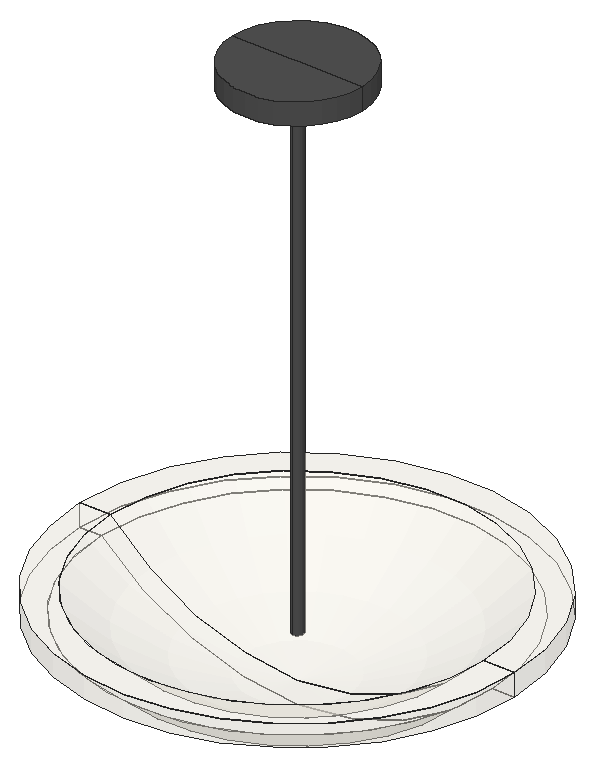
Revit family "M_Luminária de forro - Hemisférico", category Luminárias, Revit 2019
Family settings
  Hospedeiro = Forro
  Cota do conector redondo = Utilizar diâmetro
  Tipo de parte = Normal
  Número OmniClass = 23.80.70.11.11
  Título OmniClass = General Luminaries, Non Directional
  ID de item do Seek = Pendant Light - Hemisphere-0000-CAN-ENU
  Sempre na vertical = Sim
  Corte com vazios quando carregada = Não
  Fonte luminosa = Sim
  Compartilhado = Não
  Ponto de cálculo do ambiente = Não
Parameters (values of type "150W - 277V")
  Wattage = 150 W
  built-in parameter 1150110 = 1 (stored number, unit not read)
  built-in parameter 1114217 = 1 (stored number, unit not read)
  built-in parameter 1150109 = 1 (stored number, unit not read)
  built-in parameter 1150134 = 4
  built-in parameter 1150113 = 1 (stored number, unit not read)
  built-in parameter 1150115 = 1 (stored number, unit not read)
  built-in parameter 1150105 = 884.74 (stored number, unit not read)
  Classificação de carga = Iluminação - Unidade de interrupção
  Light Source Symbol Size = 609.6 mm
  built-in parameter 1150137 = 1
  built-in parameter 1150139 = (empty or 0)
  built-in parameter 1150112 = 1 (stored number, unit not read)
  built-in parameter 1150114 = 1 (stored number, unit not read)
  Lâmpada = "A-21"
  built-in parameter 1150132 = (empty or 0)
  built-in parameter 1150102 = (empty or 0)
  built-in parameter 1150138 = (empty or 0)
  built-in parameter 1150107 = 2800 (stored number, unit not read)
  built-in parameter 1150106 = 8.8474 (stored number, unit not read)
  built-in parameter 1150104 = 1.7215 (stored number, unit not read)
  Dimming Lamp Color Temperature Shift = (empty or 0)
  Color Filter = 16777215
  built-in parameter 1140040 [instance] = 1
  Voltagem do transformador = 277 V
  Transformador por número de postes = 1
  built-in parameter 1114218 = 1 (stored number, unit not read)
  built-in parameter 1150133 = 10 (stored number, unit not read)
  Código de montagem = "D5020220"
  Material montado no forro = Aço, Cromo polido
  Cair do forro = 675 mm
  Lumens = 2779.5 lm
  Material pendente = Vidro, Jateado
  Wattage Comments = ""
  Carga aparente = 150 VA
Types (4, lengths in mm): name | Wattage | built-in parameter 1150105 | Lâmpada | built-in parameter 1150106 | built-in parameter 1150104 | Voltagem do transformador | Lumens | Carga aparente
  100W - 120V | 100 W | 537.94 (stored number, unit not read) | "A-19" | 5.3794 (stored number, unit not read) | 1.5701 (stored number, unit not read) | 120 V | 1690 lm | 100 VA
  100W - 277V | 100 W | 537.94 (stored number, unit not read) | "A-19" | 5.3794 (stored number, unit not read) | 1.5701 (stored number, unit not read) | 120 V | 1690 lm | 100 VA
  150W - 120V | 150 W | 884.74 (stored number, unit not read) | "A-21" | 8.8474 (stored number, unit not read) | 1.7215 (stored number, unit not read) | 120 V | 2779.5 lm | 150 VA
  150W - 277V | 150 W | 884.74 (stored number, unit not read) | "A-21" | 8.8474 (stored number, unit not read) | 1.7215 (stored number, unit not read) | 277 V | 2779.5 lm | 150 VA
Reference planes
  plane 1 "Eixo da luz": y = 0
  plane 2 "Forro": z = 2438.4
  plane 3 "Eixo da luz": x = 0
  plane 4 "Elevação da origem da luz": z = 1839.6
  plane 5: z = 1885.651
  plane 6: z = 1763.4
  plane 7: z = 1860.251
  plane 8: z = 1763.4
Forms (mm)
  Revolve 1, solid, material "Aço, Cromo polido" <- "Material montado no forro"
    sketch origin (0, 0, 0) x (1, 0, 0) y (0, 0, 1)
      loop
        line (0, 2438.4) -> (-76.2, 2438.4) -> (-76.2, 2413) -> (0, 2377.467) -> (0, 2438.4)
      axis (0, 2438.4) -> (0, 2377.467)
    angle from 0 to 360
  Revolve 2, solid, material "Vidro, Jateado" <- "Material pendente"
    sketch origin (0, 0, 0) x (0, 0, -1) y (1, 0, 0)
      loop
        line (-1763.4, 0) -> (-1788.767, 0)
        arc (-1788.767, 0) -> (-1815.402, -118.856) -> (-1885.651, -218.361) r 310.942
        line (-1885.651, -218.361) -> (-1885.651, -254.3) -> (-1860.128, -254.3) -> (-1860.128, -228.9)
        arc (-1860.128, -228.9) -> (-1789.581, -123.824) -> (-1763.4, 0) r 332.567
      axis (-1885.651, 0) -> (-1763.4, 0)
    angle from 0 to 360
  Extrusion 3, solid, material "Aço, Cromo polido" <- "Material montado no forro"
    sketch origin (0, 0, 1839.6) x (0, -1, 0) y (1, 0, 0)
      loop
        circle (0, 0) r 6.35
    from 0 to 598.8
Cuts and joins
  joined: Revolve 1, Extrusion 3
Dimensions and locks
  equal spacing: host sketch curve, plane 3 "Eixo da luz", host sketch curve
  equal spacing: host sketch curve, plane 1 "Eixo da luz", host sketch curve
  host sketch curve to host sketch curve = 3048 mm  (x2)
  plane 5 to plane 7 to plane 6 = 25.4 mm locked, 96.851 mm locked
  "Cair do forro": plane 2 "Forro" to plane 6
  "Cair do forro": plane 2 "Forro" to plane 8
  locked: plane 4 "Elevação da origem da luz" to plane 8 at 76.2
  aligned and locked: plane 2 "Forro" to Extrusion 3
  aligned and locked: plane 3 "Eixo da luz" to imposter light
  aligned and locked: plane 1 "Eixo da luz" to imposter light
  aligned and locked: plane 4 "Elevação da origem da luz" to imposter light
Automatic sketch dimensions
  Revolve 1 sketch curve to plane 2 "Forro" = 0 mm
  Revolve 1 sketch curve to plane 3 "Eixo da luz" = 0 mm  (x2)
  Revolve 1 sketch curve to plane 2 "Forro" = 25.4 mm
  Revolve 1 sketch curve to plane 3 "Eixo da luz" = 76.2 mm
  Revolve 1 sketch curve to plane 2 "Forro" = 60.933 mm
  Revolve 1 sketch curve to Revolve 1 sketch curve = 66.067 mm
  plane 2 "Forro" to Revolve 1 sketch curve = 76.2 mm
  Revolve 2 sketch curve to plane 3 "Eixo da luz" = 0 mm  (x2)
  Revolve 2 sketch curve to plane 5 = 0 mm
  Revolve 2 sketch curve to plane 5 = 50.8 mm
  plane 3 "Eixo da luz" to Revolve 2 sketch curve = 5.628 mm
  Revolve 2 sketch curve to Revolve 2 sketch curve = 159.469 mm
  Revolve 2 sketch curve to Revolve 2 sketch curve = 3.704 mm
  Revolve 2 sketch curve to plane 7 = 0.123 mm
  plane 6 to Revolve 2 sketch curve = 0 mm
  Revolve 2 sketch curve to Revolve 2 sketch curve = 55.549 mm
  Revolve 2 sketch curve to plane 6 = 25.367 mm
  Revolve 2 sketch curve to Revolve 2 sketch curve = 10.54 mm
  Revolve 2 sketch curve to Revolve 2 sketch curve = 35.94 mm
  Extrusion 3 sketch curve to plane 3 "Eixo da luz" = 0 mm
  Extrusion 3 sketch curve to plane 1 "Eixo da luz" = 0 mm
  Extrusion 3 sketch curve to plane 1 "Eixo da luz" = 6.35 mm
Connectors
  electrical at (0, 0, 1885.651), driven by "Carga aparente", driven by "Voltagem do transformador", driven by "Transformador por número de postes", driven by "Classificação de carga"
    settings: on Revolve 2, index 1, voltage 277 V, apparent load 0 VA, apparent load phase1 150 VA, apparent load phase2 0 VA, apparent load phase3 0 VA, power factor 0.95, load classification "Iluminação - Unidade de interrupção", number of poles 1, system type 31, power factor state 1, is connector primary yes, connector utility no, sub classification motor no, connector description ""
